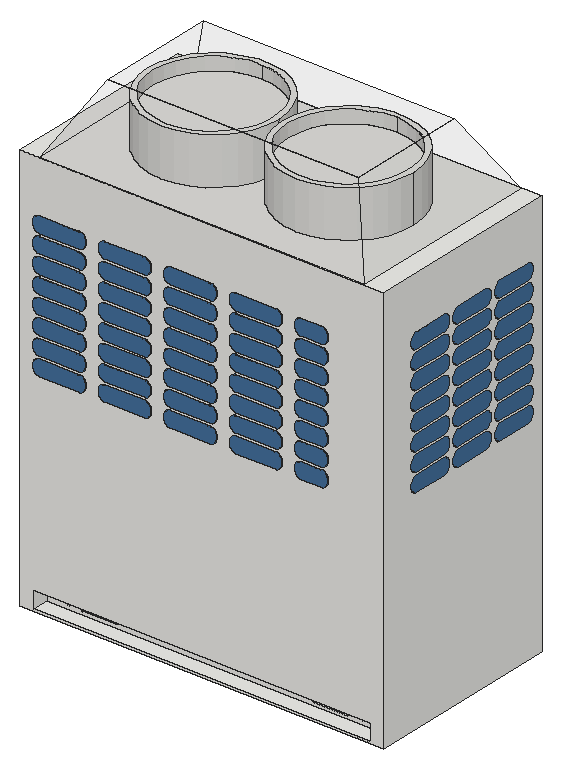
Revit family "bimlib_narujnyeblokisistemakondicionirovaniya_mrv_iii-c_plus_haier", category Оборудование, Revit 2020
Family settings
  Размер круглого соединителя = Использовать диаметр
  Тип детали = Нормальный
  На основе рабочей плоскости = Нет
  Всегда вертикально = Да
  При загрузке вырезать с полостями = Нет
  Общий = Нет
  Точка расчета площади = Нет
Parameters (values of type "AV16IMSEVA_16HP_HAIER")
  Тип компрессора = "DC INV. СПИРАЛ."  # constant formula
  Тип хладагента = "R410A"  # constant formula
  СторонаПодключения [instance] = Подключение : Спереди
  Спереди = Подключение : Спереди
  Снизу = Подключение : Снизу
  Смещение по гор [instance] = if(СторонаПодключения = Спереди, ADSK_Размер_Ширина - 90.00 mm, if(СторонаПодключения = Сбоку, ADSK_Размер_Ширина, if(СторонаПодключения = Снизу, ADSK_Размер_Ширина - 90.00 mm, 0.00 mm)))  # 1300.00 mm
  Смещение по верт_жидкость [instance] = if(СторонаПодключения = Спереди, 750.00 mm, if(СторонаПодключения = Снизу, 650.00 mm, if(СторонаПодключения = Сбоку, 600.00 mm, 0.00 mm)))  # 750.00 mm
  Смещение по верт_газ [instance] = if(СторонаПодключения = Спереди, 750.00 mm, if(or(СторонаПодключения = Снизу, СторонаПодключения = Сбоку), 600.00 mm, 0.00 mm))  # 750.00 mm
  Смещение по h_жидкость [instance] = if(СторонаПодключения = Снизу, 70.00 mm, if(or(СторонаПодключения = Сбоку, СторонаПодключения = Спереди), 140.00 mm, 0.00 mm))  # 140.00 mm
  Смещение по h_газ [instance] = if(СторонаПодключения = Снизу, 70.00 mm, if(or(СторонаПодключения = Сбоку, СторонаПодключения = Спереди), 120.00 mm, 0.00 mm))  # 120.00 mm
  Сбоку = Подключение : Сбоку
  Рабочий диапазон_Охлаждение = "-5 ~ 50"  # constant formula
  Рабочий диапазон_Обогрев = "-23 ~ 21"  # constant formula
  Работа на обогрев = no
  Производитель компрессора = "MITSUBISHI ELECTRIC"  # constant formula
  Охлаждение_Номинальный ток = 20.2 A
  Охлаждение_Номинальная потребляемая мощность = 12.61 kW
  Охлаждение_Максимальный ток = 31.6 A
  Охлаждение_Максимальная потребляемая мощность = 19.99 kW
  Отметка по умолчанию = 0.00 mm
  Обогрев_Номинальный ток = 20.4 A
  Обогрев_Максимальный ток = 27.3 A
  Обогрев_Номинальная потребляемая мощность = 12.74 kW
  Обогрев_Максимальная потребляемая мощность = 17.1 kW
  Частота тока = 50 Hz  # constant formula
  Холодопроизводительность = 45 kW
  Теплопроизводительность = 50 kW
  Изготовитель = [ADSK_Завод-изготовитель]  # "Haier Group"
  Звуковое давление = "60"
  Звуковая мощность = "76"
  Заправка хладагента = 10.00 kg
  Вращение коннектора_2 [instance] = if(СторонаПодключения = Спереди, 90.00°, if(СторонаПодключения = Снизу, 0.00°, if(СторонаПодключения = Сбоку, 90.00°, 0.00°)))  # 90.00°
  Вращение коннектора_1 [instance] = if(СторонаПодключения = Спереди, 90.00°, if(СторонаПодключения = Снизу, 90.00°, if(СторонаПодключения = Сбоку, 180.00°, 0.00°)))  # 90.00°
  Видимость_Зона обслуживания [instance] = no
  Watermark [instance] = "Модели защищены уникальным кодом"
  URL = "www.haier.com"
  Диаметр_Жидкость = 12.70 mm
  Диаметр_Газ = 28.58 mm
  HG_URL поставщика = "www.haierproff.ru"
  BL_Разработано = "support@bimlib.pro"
  BL_BIM library = "https://bimlib.pro/manufacturer/company/23806"
  ADSK_Расход жидкости [instance] = 0.0 L/s
  ADSK_Расход воздуха = 15200.0 m³/h
  ADSK_Размер_Ширина = 1390.00 mm
  ADSK_Размер_Глубина = 750.00 mm
  ADSK_Размер_Высота = 1808.00 mm
  ADSK_Полная мощность = ADSK_Номинальная мощность / ADSK_Коэффициент мощности  # 12610 VA
  ADSK_Обозначение = "MRV III-C plus"  # constant formula
  ADSK_Номинальная мощность = if(Работа на обогрев, Обогрев_Номинальная потребляемая мощность, Охлаждение_Номинальная потребляемая мощность)  # 12610 W
  ADSK_Напряжение = 400 V
  ADSK_Наименование краткое = "VRF-системы MRV III-C plus, 16HP"
  ADSK_Наименование = "Наружный блок VRF-системы кондиционирования MRV III-C plus, 16HP"
  ADSK_Масса = 296
  ADSK_Коэффициент мощности = 1
  ADSK_Количество фаз = 3
  ADSK_Количество = 1  # constant formula
  ADSK_Код изделия = "AV16IMSEVA"
  ADSK_Классификация нагрузок = ОВК
  ADSK_Завод-изготовитель = "Haier Group"  # constant formula
  ADSK_Единица измерения = "шт."  # constant formula
  ADSK_Группирование = "VRF-системы MRV III-C plus"  # constant formula
  ADSK_Версия Revit = "2017"  # constant formula
  ADSK_URL страницы изделия = "https://haierproff.ru/material/cond/tech/products/multizonalnie_sistemy_vrf/245"
  ADSK_URL документации изделия = "https://haierproff.ru/material/cond/tech/products/multizonalnie_sistemy_vrf/245/1240"
  8-10HP = no
  12-16HP = yes
Reference planes
  plane 1 "По центру (Вперед/Назад)": y = 0
  plane 2: z = 0
  plane 3 "По центру (Влево/Вправо)": x = 0
  plane 4: x = -695
  plane 5: x = 695
  plane 6: y = 375
  plane 7: y = -375
  plane 8: z = 1808
  plane 9: z = 70
  plane 10: y = 305
  plane 11: y = -305
  plane 12 "1": y = 375
  plane 13: x = -595
  plane 14: z = 1360
  plane 15 "2": z = 210
  plane 16: y = 275
  plane 17 "3": z = 350
  plane 18 "4": z = 120
  plane 19: y = -275
  plane 20: x = -620
  plane 21: x = 620
  plane 22: y = 310
  plane 23: z = 5
  plane 24: y = -310
  plane 25: y = 376
  plane 26: x = -645
  plane 27: x = -685
  plane 28: x = 685
  plane 29: x = 645
  plane 30 "Верх короба": z = 1560
  plane 31: x = -445
  plane 32: x = -195
  plane 33: x = 55
  plane 34: z = 1290
  plane 35: x = 305
  plane 36: x = 480
  plane 37 "смещение по верт газ": y = -375
  plane 38 "смещение по гор": x = 605
  plane 39 "смещение по h_жидкость": z = 1668
  plane 40 "смещение по h_газ": z = 1688
  plane 41 "смещение по верт жидкость": y = -375
Forms (mm)
  Extrusion 1, solid, material "BIMLIB_Белый_Haier", detail levels medium+fine
    sketch origin (0, 0, 0) x (1, 0, 0) y (0, 1, 0)
      loop
        line (-695, 375) -> (-695, -375) -> (695, -375) -> (695, 375) -> (-695, 375)
    from 0 to 1560
  Extrusion 2, void
    sketch origin (0, 0, 0) x (1, 0, 0) y (0, 1, 0)
      loop
        line (-685, 305) -> (-685, -305) -> (685, -305) -> (685, 305) -> (-685, 305)
    from 0 to 70
  Extrusion 3, void, detail levels medium+fine
    sketch origin (-695, 375, 0) x (-1, 0, 0) y (0, 0, -1)
      loop
        line (-1340, -70) -> (-50, -70) -> (-50, -5) -> (-1340, -5) -> (-1340, -70)
    from 0 to 65
  Extrusion 4, void, detail levels medium+fine
    sketch origin (-695, 375, -45) x (-1, 0, 0) y (0, 0, -1)
      loop
        line (-1340, -115) -> (-50, -115) -> (-50, -50) -> (-1340, -50) -> (-1340, -115)
    from 685 to 750
  Extrusion 5, void
    sketch origin (695, -375, 0) x (1, 0, 0) y (0, 0, -1)
      loop
        arc (-190, -62.392) -> (-182.929, -59.463) -> (-180, -52.392) r 10
        line (-180, -52.392) -> (-180, -27.392)
        arc (-180, -27.392) -> (-182.929, -20.321) -> (-190, -17.392) r 10
        line (-190, -17.392) -> (-315.997, -17.392)
        arc (-315.997, -17.392) -> (-323.068, -20.321) -> (-325.997, -27.392) r 10
        line (-325.997, -27.392) -> (-325.997, -52.392)
        arc (-325.997, -52.392) -> (-323.068, -59.463) -> (-315.997, -62.392) r 10
        line (-315.997, -62.392) -> (-190, -62.392)
      loop
        circle (-133.805, -39.902) r 20
      loop
        line (-1200, -62.392) -> (-1074.003, -62.392)
        arc (-1074.003, -62.392) -> (-1066.932, -59.463) -> (-1064.003, -52.392) r 10
        line (-1064.003, -52.392) -> (-1064.003, -27.392)
        arc (-1064.003, -27.392) -> (-1066.932, -20.321) -> (-1074.003, -17.392) r 10
        line (-1074.003, -17.392) -> (-1200, -17.392)
        arc (-1200, -17.392) -> (-1207.071, -20.321) -> (-1210, -27.392) r 10
        line (-1210, -27.392) -> (-1210, -52.392)
        arc (-1210, -52.392) -> (-1207.071, -59.463) -> (-1200, -62.392) r 10
      loop
        circle (-1256.195, -39.902) r 20
    from 0 to 735.349
  Blend 6, solid, material "BIMLIB_Решётка_верха_Haier", detail levels medium+fine
    base sketch origin (-1293.774, -1524, 1560) x (-1, 0, 0) y (0, -1, 0)
      loop
        line (-673.774, -1899) -> (-673.774, -1149) -> (-1913.774, -1149) -> (-1913.774, -1899) -> (-673.774, -1899)
    top sketch origin (-1293.774, -1524, 1560) x (-1, 0, 0) y (0, -1, 0)
      loop
        line (-809.882, -1761.038) -> (-809.882, -1301.038) -> (-1769.882, -1301.038) -> (-1769.882, -1761.038) -> (-809.882, -1761.038)
    from 0 to 248
  Extrusion 7, solid, material "BIMLIB_Белый_Haier", visible <- "12-16HP", detail levels medium+fine
    sketch origin (-1293.774, -1524, 1560) x (-1, 0, 0) y (0, -1, 0)
      loop
        circle (-1036.134, -1524) r 250
      loop
        circle (-1551.414, -1524) r 250
    from 0 to 180
  Extrusion 8, solid, material "BIMLIB_Белый_Haier", visible <- "8-10HP", detail levels medium+fine
    sketch origin (-1293.774, -1524, 1560) x (-1, 0, 0) y (0, -1, 0)
      loop
        circle (-1293.774, -1524) r 250
    from 0 to 180
  Extrusion 9, void
    sketch origin (-1293.774, -1524, 1740) x (0, -1, 0) y (-1, 0, 0)
      loop
        circle (-1524, -1551.414) r 230
      loop
        circle (-1524, -1036.134) r 230
    from 0 to 50
  Extrusion 10, void, detail levels medium+fine
    sketch origin (-1293.774, -1524, 1740) x (0, -1, 0) y (-1, 0, 0)
      loop
        circle (-1524, -1293.774) r 230
    from 0 to 50
Cuts and joins
  Extrusion 2, Extrusion 3, Extrusion 4, Extrusion 5 cuts Extrusion 1
  Extrusion 9 cuts Extrusion 7
  Extrusion 10 cuts Extrusion 8
Lines and regions (mm)
  Masking region 1, detail levels coarse
    outline origin (0, 0, 0) x (1, 0, 0) y (0, 1, 0)
      loop
        line (-695, 375) -> (-695, -375) -> (695, -375) -> (695, 375) -> (-695, 375)
  model lines, detail levels medium+fine
    curve 1: line (-645, 375, 70) -> (695, 375, 70)
    curve 14: line (-464.652, 249.353, 1511) -> (-463.263, 250.792, 1511)
    curve 15: line (-645, -375, 70) -> (645, -375, 70)
  model lines, style "УГО", detail levels coarse
    curve 2: line (-695, 375, 1560) -> (-695, 375, 0)
    curve 3: line (-695, 375, 0) -> (695, 375, 0)
    curve 4: line (695, 375, 0) -> (695, 375, 1560)
    curve 5: line (695, 375, 1560) -> (-695, 375, 1560)
    curve 6: line (695, -375, 1560) -> (695, 375, 1560)
    curve 7: line (695, -375, 0) -> (695, 375, 0)
    curve 8: line (695, -375, 0) -> (695, -375, 1560)
    curve 9: line (-695, -375, 1560) -> (-695, -375, 0)
    curve 10: line (-695, -375, 0) -> (695, -375, 0)
    curve 11: line (-695, -375, 1560) -> (695, -375, 1560)
    curve 12: line (-695, 375, 1560) -> (-695, -375, 1560)
    curve 13: line (-695, 375, 0) -> (-695, -375, 0)
  symbolic lines, style "УГО", detail levels coarse
    curve 16: line (-695, 375, 0) -> (695, 375, 0)
    curve 17: line (695, 375, 0) -> (695, -375, 0)
    curve 18: line (695, -375, 0) -> (-695, -375, 0)
    curve 19: line (-695, -375, 0) -> (-695, 375, 0)
  model lines, style "MechanicalEquipment", visible <- "12-16HP", detail levels fine
    curve 20: circle (-257.64, 0, 1690) r 50 normal (0, 0, 1)
    curve 21: circle (257.64, 0, 1690) r 50 normal (0, 0, 1)
    curve 22: arc (-373.774, 198.527, 1690) -> (-293.602, 142.881, 1690) -> (-273.774, 47.326, 1690) r 131.644
    curve 23: arc (-226.631, 39.223, 1690) -> (-166.156, 136.404, 1690) -> (-233.774, 228.758, 1690) r 102.209
    curve 24: arc (-373.774, 198.527, 1690) -> (-305.264, 220.543, 1690) -> (-233.774, 228.758, 1690) r 366.767
    curve 25: arc (-141.507, -198.527, 1690) -> (-221.678, -142.881, 1690) -> (-241.507, -47.326, 1690) r 131.644
    curve 26: arc (-288.649, -39.223, 1690) -> (-349.124, -136.404, 1690) -> (-281.507, -228.758, 1690) r 102.209
    curve 27: arc (-141.507, -198.527, 1690) -> (-210.016, -220.543, 1690) -> (-281.507, -228.758, 1690) r 366.767
    curve 28: arc (-456.167, -116.134, 1690) -> (-400.521, -35.962, 1690) -> (-304.966, -16.134, 1690) r 131.644
    curve 29: arc (-296.863, 31.009, 1690) -> (-394.044, 91.484, 1690) -> (-486.399, 23.866, 1690) r 102.209
    curve 30: arc (-456.167, -116.134, 1690) -> (-478.183, -47.624, 1690) -> (-486.399, 23.866, 1690) r 366.767
    curve 31: arc (-59.113, 116.134, 1690) -> (-114.759, 35.962, 1690) -> (-210.315, 16.134, 1690) r 131.644
    curve 32: arc (-218.417, -31.009, 1690) -> (-121.236, -91.484, 1690) -> (-28.882, -23.866, 1690) r 102.209
    curve 33: arc (-59.113, 116.134, 1690) -> (-37.097, 47.624, 1690) -> (-28.882, -23.866, 1690) r 366.767
    curve 34: arc (141.507, 198.527, 1690) -> (221.678, 142.881, 1690) -> (241.507, 47.326, 1690) r 131.644
    curve 35: arc (288.649, 39.223, 1690) -> (349.124, 136.404, 1690) -> (281.507, 228.758, 1690) r 102.209
    curve 36: arc (141.507, 198.527, 1690) -> (210.016, 220.543, 1690) -> (281.507, 228.758, 1690) r 366.767
    curve 37: arc (373.774, -198.527, 1690) -> (293.602, -142.881, 1690) -> (273.774, -47.326, 1690) r 131.644
    curve 38: arc (226.631, -39.223, 1690) -> (166.156, -136.404, 1690) -> (233.774, -228.758, 1690) r 102.209
    curve 39: arc (373.774, -198.527, 1690) -> (305.264, -220.543, 1690) -> (233.774, -228.758, 1690) r 366.767
    curve 40: arc (59.113, -116.134, 1690) -> (114.759, -35.962, 1690) -> (210.315, -16.134, 1690) r 131.644
    curve 41: arc (218.417, 31.009, 1690) -> (121.236, 91.484, 1690) -> (28.882, 23.866, 1690) r 102.209
    curve 42: arc (59.113, -116.134, 1690) -> (37.097, -47.624, 1690) -> (28.882, 23.866, 1690) r 366.767
    curve 43: arc (456.167, 116.134, 1690) -> (400.521, 35.962, 1690) -> (304.966, 16.134, 1690) r 131.644
    curve 44: arc (296.863, -31.009, 1690) -> (394.044, -91.484, 1690) -> (486.399, -23.866, 1690) r 102.209
    curve 45: arc (456.167, 116.134, 1690) -> (478.183, 47.624, 1690) -> (486.399, -23.866, 1690) r 366.767
    curve 46: circle (-257.64, 0, 1690) r 50 normal (0, 0, 1)
    curve 47: circle (257.64, 0, 1690) r 50 normal (0, 0, 1)
    curve 48: arc (-373.774, 198.527, 1690) -> (-293.602, 142.881, 1690) -> (-273.774, 47.326, 1690) r 131.644
    curve 49: arc (-226.631, 39.223, 1690) -> (-166.156, 136.404, 1690) -> (-233.774, 228.758, 1690) r 102.209
    curve 50: arc (-373.774, 198.527, 1690) -> (-305.264, 220.543, 1690) -> (-233.774, 228.758, 1690) r 366.767
    curve 51: arc (-141.507, -198.527, 1690) -> (-221.678, -142.881, 1690) -> (-241.507, -47.326, 1690) r 131.644
    curve 52: arc (-288.649, -39.223, 1690) -> (-349.124, -136.404, 1690) -> (-281.507, -228.758, 1690) r 102.209
    curve 53: arc (-141.507, -198.527, 1690) -> (-210.016, -220.543, 1690) -> (-281.507, -228.758, 1690) r 366.767
    curve 54: arc (-456.167, -116.134, 1690) -> (-400.521, -35.962, 1690) -> (-304.966, -16.134, 1690) r 131.644
    curve 55: arc (-296.863, 31.009, 1690) -> (-394.044, 91.484, 1690) -> (-486.399, 23.866, 1690) r 102.209
    curve 56: arc (-456.167, -116.134, 1690) -> (-478.183, -47.624, 1690) -> (-486.399, 23.866, 1690) r 366.767
    curve 57: arc (-59.113, 116.134, 1690) -> (-114.759, 35.962, 1690) -> (-210.315, 16.134, 1690) r 131.644
    curve 58: arc (-218.417, -31.009, 1690) -> (-121.236, -91.484, 1690) -> (-28.882, -23.866, 1690) r 102.209
    curve 59: arc (-59.113, 116.134, 1690) -> (-37.097, 47.624, 1690) -> (-28.882, -23.866, 1690) r 366.767
    curve 60: arc (141.507, 198.527, 1690) -> (221.678, 142.881, 1690) -> (241.507, 47.326, 1690) r 131.644
    curve 61: arc (288.649, 39.223, 1690) -> (349.124, 136.404, 1690) -> (281.507, 228.758, 1690) r 102.209
    curve 62: arc (141.507, 198.527, 1690) -> (210.016, 220.543, 1690) -> (281.507, 228.758, 1690) r 366.767
    curve 63: arc (373.774, -198.527, 1690) -> (293.602, -142.881, 1690) -> (273.774, -47.326, 1690) r 131.644
    curve 64: arc (226.631, -39.223, 1690) -> (166.156, -136.404, 1690) -> (233.774, -228.758, 1690) r 102.209
    curve 65: arc (373.774, -198.527, 1690) -> (305.264, -220.543, 1690) -> (233.774, -228.758, 1690) r 366.767
    curve 66: arc (59.113, -116.134, 1690) -> (114.759, -35.962, 1690) -> (210.315, -16.134, 1690) r 131.644
    curve 67: arc (218.417, 31.009, 1690) -> (121.236, 91.484, 1690) -> (28.882, 23.866, 1690) r 102.209
    curve 68: arc (59.113, -116.134, 1690) -> (37.097, -47.624, 1690) -> (28.882, 23.866, 1690) r 366.767
    curve 69: arc (456.167, 116.134, 1690) -> (400.521, 35.962, 1690) -> (304.966, 16.134, 1690) r 131.644
    curve 70: arc (296.863, -31.009, 1690) -> (394.044, -91.484, 1690) -> (486.399, -23.866, 1690) r 102.209
    curve 71: arc (456.167, 116.134, 1690) -> (478.183, 47.624, 1690) -> (486.399, -23.866, 1690) r 366.767
  model lines, style "MechanicalEquipment", visible <- "8-10HP", detail levels fine
    curve 72: arc (31.009, 39.223, 1690) -> (91.484, 136.404, 1690) -> (23.866, 228.758, 1690) r 102.209
    curve 73: arc (23.866, 228.758, 1690) -> (-47.624, 220.543, 1690) -> (-116.134, 198.527, 1690) r 366.767
    curve 74: arc (-116.134, 198.527, 1690) -> (-35.962, 142.881, 1690) -> (-16.134, 47.326, 1690) r 131.644
    curve 75: arc (39.223, -31.009, 1690) -> (136.404, -91.484, 1690) -> (228.758, -23.866, 1690) r 102.209
    curve 76: arc (228.758, -23.866, 1690) -> (220.543, 47.624, 1690) -> (198.527, 116.134, 1690) r 366.767
    curve 77: arc (198.527, 116.134, 1690) -> (142.881, 35.962, 1690) -> (47.326, 16.134, 1690) r 131.644
    curve 78: arc (-31.009, -39.223, 1690) -> (-91.484, -136.404, 1690) -> (-23.866, -228.758, 1690) r 102.209
    curve 79: arc (-23.866, -228.758, 1690) -> (47.624, -220.543, 1690) -> (116.134, -198.527, 1690) r 366.767
    curve 80: arc (116.134, -198.527, 1690) -> (35.962, -142.881, 1690) -> (16.134, -47.326, 1690) r 131.644
    curve 81: arc (-39.223, 31.009, 1690) -> (-136.404, 91.484, 1690) -> (-228.758, 23.866, 1690) r 102.209
    curve 82: arc (-228.758, 23.866, 1690) -> (-220.543, -47.624, 1690) -> (-198.527, -116.134, 1690) r 366.767
    curve 83: arc (-198.527, -116.134, 1690) -> (-142.881, -35.962, 1690) -> (-47.326, -16.134, 1690) r 131.644
    curve 84: circle (0, 0, 1690) r 50 normal (0, 0, 1)
    curve 85: arc (31.009, 39.223, 1690) -> (91.484, 136.404, 1690) -> (23.866, 228.758, 1690) r 102.209
    curve 86: arc (23.866, 228.758, 1690) -> (-47.624, 220.543, 1690) -> (-116.134, 198.527, 1690) r 366.767
    curve 87: arc (-116.134, 198.527, 1690) -> (-35.962, 142.881, 1690) -> (-16.134, 47.326, 1690) r 131.644
    curve 88: arc (39.223, -31.009, 1690) -> (136.404, -91.484, 1690) -> (228.758, -23.866, 1690) r 102.209
    curve 89: arc (228.758, -23.866, 1690) -> (220.543, 47.624, 1690) -> (198.527, 116.134, 1690) r 366.767
    curve 90: arc (198.527, 116.134, 1690) -> (142.881, 35.962, 1690) -> (47.326, 16.134, 1690) r 131.644
    curve 91: arc (-31.009, -39.223, 1690) -> (-91.484, -136.404, 1690) -> (-23.866, -228.758, 1690) r 102.209
    curve 92: arc (-23.866, -228.758, 1690) -> (47.624, -220.543, 1690) -> (116.134, -198.527, 1690) r 366.767
    curve 93: arc (116.134, -198.527, 1690) -> (35.962, -142.881, 1690) -> (16.134, -47.326, 1690) r 131.644
    curve 94: arc (-39.223, 31.009, 1690) -> (-136.404, 91.484, 1690) -> (-228.758, 23.866, 1690) r 102.209
    curve 95: arc (-228.758, 23.866, 1690) -> (-220.543, -47.624, 1690) -> (-198.527, -116.134, 1690) r 366.767
    curve 96: arc (-198.527, -116.134, 1690) -> (-142.881, -35.962, 1690) -> (-47.326, -16.134, 1690) r 131.644
    curve 97: circle (0, 0, 1690) r 50 normal (0, 0, 1)
  model lines, style "MechanicalEquipment", detail levels medium+fine
    curve 98: line (-483.892, 237.038, 1808) -> (476.108, 237.038, 1808)
    curve 99: line (-483.892, -222.962, 1808) -> (476.108, -222.962, 1808)
    curve 100: line (-483.892, -222.962, 1808) -> (-483.892, 237.038, 1808)
    curve 101: line (476.108, -222.962, 1808) -> (476.108, 237.038, 1808)
    curve 102: line (-483.892, -222.962, 1808) -> (-620, -375, 1560)
    curve 103: line (476.108, -222.962, 1808) -> (620, -375, 1560)
    curve 104: line (476.108, 237.038, 1808) -> (620, 375, 1560)
    curve 105: line (-483.892, 237.038, 1808) -> (-620, 375, 1560)
    curve 106: line (620, 375, 1560) -> (620, -375, 1560)
    curve 107: line (-620, 375, 1560) -> (-620, -375, 1560)
    curve 108: line (-695, -375, 780) -> (695, -375, 780)
Dimensions and locks
  "ADSK_Размер_Ширина": plane 4 to plane 5
  "ADSK_Размер_Глубина": plane 6 to plane 7
  "ADSK_Размер_Высота": level to plane 8
  equal spacing: plane 6, plane 1 "По центру (Вперед/Назад)", plane 7
  equal spacing: plane 4, plane 3 "По центру (Влево/Вправо)", plane 5
  plane 9 to plane 8 = 1738.00 mm
  locked: level to plane 9 at 70
  locked: plane 13 to plane 4 at 100
  level to plane 15 "2" = 210.00 mm
  locked: plane 6 to plane 16 at 100
  plane 15 "2" to plane 17 "3" = 140.00 mm
  plane 18 "4" to plane 9 = 50.00 mm
  plane 16 to plane 6 = 100.00 mm
  plane 7 to plane 19 = 100.00 mm
  locked: plane 22 to plane 10 at 5
  plane 23 to level = 5.00 mm
  locked: plane 11 to plane 24 at 5
  locked: plane 25 to plane 12 "1" at 1
  locked: plane 4 to plane 20 at 75
  locked: plane 21 to plane 5 at 75
  locked: plane 4 to plane 26 at 50
  locked: plane 4 to plane 27 at 10
  plane 28 to plane 5 = 10.00 mm
  locked: plane 5 to plane 29 at 50
  locked: plane 8 to plane 30 "Верх короба" at 248
  curve 108 to level = 780.00 mm
  plane 31 to plane 4 = 250.00 mm
  locked: plane 32 to plane 4 at 500
  plane 33 to plane 4 = 750.00 mm
  locked: plane 30 "Верх короба" to plane 14 at 200
  plane 30 "Верх короба" to plane 34 = 270.00 mm
  locked: plane 35 to plane 4 at 1000
  locked: plane 36 to plane 4 at 1175
  "Смещение по гор": plane 4 to plane 38 "смещение по гор"
  "Смещение по верт_газ": plane 6 to plane 37 "смещение по верт газ"
  "Смещение по верт_жидкость": plane 6 to plane 41 "смещение по верт жидкость"
  "Смещение по h_газ": plane 8 to plane 40 "смещение по h_газ"
  "Смещение по h_жидкость": plane 8 to plane 39 "смещение по h_жидкость"
  aligned and locked: level to plane 2
  aligned and locked: Extrusion 1 sketch curve to plane 6
  aligned and locked: Extrusion 1 sketch curve to plane 5
  aligned and locked: plane 7 to Extrusion 1 sketch curve
  aligned and locked: plane 4 to Extrusion 1 sketch curve
  aligned and locked: Extrusion 1 to level
  aligned and locked: level to cut or joined group of Extrusion 1, Extrusion 2, Extrusion 3, Extrusion 4, Extrusion 5
  aligned and locked: plane 4 to cut or joined group of Extrusion 1, Extrusion 2, Extrusion 3, Extrusion 4, Extrusion 5
  aligned and locked: plane 12 "1" to plane 6
  aligned and locked: plane 9 to Extrusion 2
  aligned and locked: plane 22 to cut or joined group of Extrusion 1, Extrusion 2, Extrusion 3, Extrusion 4, Extrusion 5
  aligned and locked: cut or joined group of Extrusion 1, Extrusion 2, Extrusion 3, Extrusion 4, Extrusion 5 to plane 23
  aligned and locked: plane 9 to cut or joined group of Extrusion 1, Extrusion 2, Extrusion 3, Extrusion 4, Extrusion 5
  aligned and locked: Extrusion 3 to curve 1
  aligned and locked: plane 9 to Extrusion 4
  aligned and locked: Extrusion 4 to Extrusion 3
  aligned and locked: Extrusion 4 to plane 24
  aligned and locked: curve 19 to Masking region 1 sketch curve
  aligned and locked: Masking region 1 sketch curve to curve 16
  aligned and locked: Masking region 1 sketch curve to curve 17
  aligned and locked: Masking region 1 sketch curve to curve 18
  aligned and locked: plane 4 to curve 19
  aligned and locked: plane 7 to curve 18
  aligned and locked: curve 16 to plane 6
  aligned and locked: curve 17 to plane 5
  aligned and locked: plane 3 "По центру (Влево/Вправо)" to nested 2
  aligned and locked: plane 1 "По центру (Вперед/Назад)" to nested 2
  aligned and locked: plane 26 to Extrusion 3
  aligned and locked: Extrusion 2 sketch curve to plane 27
  aligned and locked: Extrusion 2 sketch curve to plane 28
  aligned and locked: plane 26 to Extrusion 3 sketch curve
  aligned and locked: plane 26 to Extrusion 4 sketch curve
  aligned and locked: plane 29 to Extrusion 4 sketch curve
  aligned and locked: plane 30 "Верх короба" to Extrusion 1
  aligned and locked: Blend 6 sketch curve to plane 21
  aligned and locked: plane 20 to Blend 6 sketch curve
  aligned and locked: Blend 6 sketch curve to plane 6
  aligned and locked: plane 7 to Blend 6 sketch curve
  aligned and locked: plane 8 to Blend 6
  aligned and locked: Blend 6 to plane 30 "Верх короба"
  aligned and locked: plane 31 to nested 3  (x2)
  aligned and locked: plane 14 to nested 3
  aligned and locked: plane 34 to nested 4
  aligned and locked: plane 26 to nested 4
  aligned and locked: nested 11 to plane 14
  aligned and locked: plane 33 to nested 11  (x2)
  aligned and locked: plane 32 to nested 12
  aligned and locked: plane 32 to nested 14
  aligned and locked: plane 32 to nested 16
  aligned and locked: plane 32 to nested 18
  aligned and locked: nested 20 to plane 32
  aligned and locked: nested 22 to plane 32
  aligned and locked: nested 24 to plane 32
  aligned and locked: plane 33 to nested 13
  aligned and locked: plane 33 to nested 15
  aligned and locked: plane 33 to nested 17
  aligned and locked: plane 33 to nested 19
  aligned and locked: nested 21 to plane 33
  aligned and locked: nested 23 to plane 33
  aligned and locked: nested 10 to plane 31
  aligned and locked: nested 9 to plane 31
  aligned and locked: plane 31 to nested 8
  aligned and locked: plane 31 to nested 7
  aligned and locked: plane 31 to nested 6
  aligned and locked: plane 31 to nested 5
  aligned and locked: plane 31 to nested 4
  aligned and locked: plane 32 to nested 25
  aligned and locked: nested 26 to plane 33
  aligned and locked: plane 35 to nested 27
  aligned and locked: plane 35 to nested 28
  aligned and locked: plane 35 to nested 29
  aligned and locked: plane 35 to nested 30
  aligned and locked: plane 35 to nested 31
  aligned and locked: nested 32 to plane 35
  aligned and locked: nested 33 to plane 35
  aligned and locked: nested 34 to plane 35
  aligned and locked: plane 36 to nested 35
  aligned and locked: plane 36 to nested 36
  aligned and locked: plane 36 to nested 37
  aligned and locked: plane 36 to nested 38
  aligned and locked: plane 36 to nested 39
  aligned and locked: nested 40 to plane 36
  aligned and locked: nested 41 to plane 36
  aligned and locked: nested 42 to plane 36
  aligned and locked: plane 38 "смещение по гор" to nested 99
  aligned and locked: nested 99 to plane 41 "смещение по верт жидкость"
  aligned and locked: nested 100 to plane 37 "смещение по верт газ"
  aligned and locked: plane 38 "смещение по гор" to nested 100
  aligned and locked: plane 3 "По центру (Влево/Вправо)" to nested 1
  aligned and locked: plane 1 "По центру (Вперед/Назад)" to nested 1
Automatic sketch dimensions
  plane 16 to curve 14 = 25.647 mm
  plane 16 to curve 14 = 24.208 mm
  curve 14 to plane 13 = 131.737 mm
  curve 14 to curve 14 = 1.389 mm
  plane 11 to Extrusion 2 sketch curve = 0.00 mm
  plane 10 to Extrusion 2 sketch curve = 0.00 mm
  plane 16 to Blend 6 sketch curve = 37.962 mm
  Blend 6 sketch curve to plane 21 = 143.892 mm
  Blend 6 sketch curve to plane 19 = 52.038 mm
  Blend 6 sketch curve to plane 13 = 111.108 mm
  plane 1 "По центру (Вперед/Назад)" to Extrusion 7 sketch curve = 0.00 mm  (x2)
  plane 3 "По центру (Влево/Вправо)" to Extrusion 7 sketch curve = 257.64 mm
  Extrusion 7 sketch curve to plane 3 "По центру (Влево/Вправо)" = 257.64 mm
  Extrusion 8 sketch curve to plane 1 "По центру (Вперед/Назад)" = 0.00 mm
  Extrusion 8 sketch curve to plane 3 "По центру (Влево/Вправо)" = 0.00 mm
  curve 31 to curve 43 = 0.00 mm
  curve 31 to curve 27 = 7.803 mm
  curve 43 to curve 39 = 7.803 mm
  curve 39 to curve 35 = 5.406 mm
  curve 27 to curve 23 = 5.406 mm
  curve 39 to curve 34 = 67.70 mm
  curve 27 to curve 22 = 67.70 mm
  curve 43 to curve 42 = 115.973 mm
  curve 31 to curve 30 = 115.973 mm
  curve 30 to curve 32 = 19.139 mm
  curve 42 to curve 44 = 19.139 mm
  curve 23 to curve 20 = 132.555 mm
  curve 35 to curve 21 = 132.555 mm
  curve 22 to curve 29 = 80.913 mm
  curve 34 to curve 41 = 80.913 mm
  curve 29 to curve 33 = 19.139 mm
  curve 41 to curve 45 = 19.139 mm
  curve 32 to curve 25 = 80.913 mm
  curve 44 to curve 37 = 80.913 mm
  curve 21 to curve 38 = 132.555 mm
  curve 20 to curve 26 = 132.555 mm
  curve 38 to curve 36 = 5.406 mm
  curve 26 to curve 24 = 5.406 mm
  curve 26 to curve 28 = 13.209 mm
  curve 38 to curve 40 = 13.209 mm
  curve 22 to curve 33 = 7.803 mm
  curve 33 to curve 29 = 5.406 mm
  curve 33 to curve 28 = 67.70 mm
  curve 22 to curve 27 = 115.973 mm
  curve 27 to curve 23 = 19.139 mm
  curve 29 to curve 20 = 132.555 mm
  curve 28 to curve 26 = 80.913 mm
  curve 26 to curve 24 = 19.139 mm
  curve 23 to curve 31 = 80.913 mm
  curve 20 to curve 32 = 132.555 mm
  curve 32 to curve 30 = 5.406 mm
  curve 32 to curve 25 = 13.209 mm
  curve 30 to curve 34 = 231.555 mm
  curve 34 to curve 45 = 7.803 mm
  curve 45 to curve 41 = 5.406 mm
  curve 45 to curve 40 = 67.70 mm
  curve 34 to curve 39 = 115.973 mm
  curve 39 to curve 35 = 19.139 mm
  curve 41 to curve 21 = 132.555 mm
  curve 40 to curve 38 = 80.913 mm
  curve 38 to curve 36 = 19.139 mm
  curve 35 to curve 43 = 80.913 mm
  curve 21 to curve 44 = 132.555 mm
  curve 44 to curve 42 = 5.406 mm
  curve 44 to curve 37 = 13.209 mm
  curve 36 to curve 43 = 82.994 mm
  curve 23 to curve 31 = 82.994 mm
  curve 34 to curve 39 = 60.566 mm
  curve 22 to curve 27 = 60.566 mm
  curve 43 to curve 42 = 86.343 mm
  curve 33 to curve 30 = 86.343 mm
  curve 34 to curve 21 = 47.326 mm
  curve 22 to curve 20 = 47.326 mm
  curve 22 to curve 23 = 8.103 mm
  curve 34 to curve 35 = 8.103 mm
  curve 22 to curve 29 = 16.316 mm
  curve 34 to curve 41 = 16.316 mm
  curve 34 to curve 41 = 46.394 mm
  curve 22 to curve 30 = 46.394 mm
  curve 35 to curve 43 = 23.089 mm
  curve 23 to curve 31 = 23.089 mm
  curve 29 to curve 28 = 47.143 mm
  curve 41 to curve 40 = 47.143 mm
  curve 45 to curve 37 = 46.394 mm
  curve 41 to curve 32 = 47.733 mm
  curve 40 to curve 38 = 23.089 mm
  curve 28 to curve 26 = 23.089 mm
  curve 32 to curve 25 = 16.316 mm
  curve 44 to curve 37 = 16.316 mm
  curve 24 to curve 25 = 60.566 mm
  curve 36 to curve 39 = 60.566 mm
  curve 57 to curve 69 = 0.00 mm
  curve 57 to curve 53 = 7.803 mm
  curve 69 to curve 65 = 7.803 mm
  curve 65 to curve 61 = 5.406 mm
  curve 53 to curve 49 = 5.406 mm
  curve 65 to curve 60 = 67.70 mm
  curve 53 to curve 48 = 67.70 mm
  curve 69 to curve 68 = 115.973 mm
  curve 57 to curve 56 = 115.973 mm
  curve 56 to curve 58 = 19.139 mm
  curve 68 to curve 70 = 19.139 mm
  curve 49 to curve 46 = 132.555 mm
  curve 61 to curve 47 = 132.555 mm
  curve 48 to curve 55 = 80.913 mm
  curve 60 to curve 67 = 80.913 mm
  curve 55 to curve 59 = 19.139 mm
  curve 67 to curve 71 = 19.139 mm
  curve 58 to curve 51 = 80.913 mm
  curve 70 to curve 63 = 80.913 mm
  curve 47 to curve 64 = 132.555 mm
  curve 46 to curve 52 = 132.555 mm
  curve 64 to curve 62 = 5.406 mm
  curve 52 to curve 50 = 5.406 mm
  curve 52 to curve 54 = 13.209 mm
  curve 64 to curve 66 = 13.209 mm
  curve 48 to curve 59 = 7.803 mm
  curve 59 to curve 55 = 5.406 mm
  curve 59 to curve 54 = 67.70 mm
  curve 48 to curve 53 = 115.973 mm
  curve 53 to curve 49 = 19.139 mm
  curve 55 to curve 46 = 132.555 mm
  curve 54 to curve 52 = 80.913 mm
  curve 52 to curve 50 = 19.139 mm
  curve 49 to curve 57 = 80.913 mm
  curve 46 to curve 58 = 132.555 mm
  curve 58 to curve 56 = 5.406 mm
  curve 58 to curve 51 = 13.209 mm
  curve 56 to curve 60 = 231.555 mm
  curve 60 to curve 71 = 7.803 mm
  curve 71 to curve 67 = 5.406 mm
  curve 71 to curve 66 = 67.70 mm
  curve 60 to curve 65 = 115.973 mm
  curve 65 to curve 61 = 19.139 mm
  curve 67 to curve 47 = 132.555 mm
  curve 66 to curve 64 = 80.913 mm
  curve 64 to curve 62 = 19.139 mm
  curve 61 to curve 69 = 80.913 mm
  curve 47 to curve 70 = 132.555 mm
  curve 70 to curve 68 = 5.406 mm
  curve 70 to curve 63 = 13.209 mm
  curve 62 to curve 69 = 82.994 mm
  curve 49 to curve 57 = 82.994 mm
  curve 60 to curve 65 = 60.566 mm
  curve 48 to curve 53 = 60.566 mm
  curve 69 to curve 68 = 86.343 mm
  curve 59 to curve 56 = 86.343 mm
  curve 60 to curve 47 = 47.326 mm
  curve 48 to curve 46 = 47.326 mm
  curve 48 to curve 49 = 8.103 mm
  curve 60 to curve 61 = 8.103 mm
  curve 48 to curve 55 = 16.316 mm
  curve 60 to curve 67 = 16.316 mm
  curve 60 to curve 67 = 46.394 mm
  curve 48 to curve 56 = 46.394 mm
  curve 61 to curve 69 = 23.089 mm
  curve 49 to curve 57 = 23.089 mm
  curve 55 to curve 54 = 47.143 mm
  curve 67 to curve 66 = 47.143 mm
  curve 71 to curve 63 = 46.394 mm
  curve 67 to curve 58 = 47.733 mm
  curve 66 to curve 64 = 23.089 mm
  curve 54 to curve 52 = 23.089 mm
  curve 58 to curve 51 = 16.316 mm
  curve 70 to curve 63 = 16.316 mm
  curve 50 to curve 51 = 60.566 mm
  curve 62 to curve 65 = 60.566 mm
  curve 77 to curve 79 = 7.803 mm
  curve 79 to curve 72 = 5.406 mm
  curve 79 to curve 74 = 67.70 mm
  curve 77 to curve 82 = 115.973 mm
  curve 82 to curve 75 = 19.139 mm
  curve 75 to curve 84 = 10.652 mm
  curve 74 to curve 81 = 80.913 mm
  curve 81 to curve 76 = 19.139 mm
  curve 75 to curve 80 = 80.913 mm
  curve 84 to curve 78 = 132.555 mm
  curve 78 to curve 73 = 5.406 mm
  curve 78 to curve 83 = 13.209 mm
  curve 74 to curve 76 = 7.803 mm
  curve 76 to curve 81 = 5.406 mm
  curve 76 to curve 83 = 67.70 mm
  curve 74 to curve 79 = 115.973 mm
  curve 79 to curve 72 = 19.139 mm
  curve 81 to curve 84 = 132.555 mm
  curve 83 to curve 78 = 80.913 mm
  curve 78 to curve 73 = 19.139 mm
  curve 72 to curve 77 = 80.913 mm
  curve 84 to curve 75 = 132.555 mm
  curve 75 to curve 82 = 5.406 mm
  curve 75 to curve 80 = 13.209 mm
  curve 73 to curve 79 = 60.566 mm
  curve 72 to curve 77 = 82.994 mm
  curve 76 to curve 82 = 86.343 mm
  curve 74 to curve 84 = 47.326 mm
  curve 74 to curve 72 = 8.103 mm
  curve 74 to curve 81 = 16.316 mm
  curve 74 to curve 82 = 46.394 mm
  curve 72 to curve 77 = 23.089 mm
  curve 81 to curve 83 = 47.143 mm
  curve 76 to curve 80 = 46.394 mm
  curve 83 to curve 78 = 23.089 mm
  curve 75 to curve 80 = 16.316 mm
  curve 73 to curve 80 = 60.566 mm
  curve 90 to curve 92 = 7.803 mm
  curve 92 to curve 85 = 5.406 mm
  curve 92 to curve 87 = 67.70 mm
  curve 90 to curve 95 = 115.973 mm
  curve 95 to curve 88 = 19.139 mm
  curve 88 to curve 97 = 10.652 mm
  curve 87 to curve 94 = 80.913 mm
  curve 94 to curve 89 = 19.139 mm
  curve 88 to curve 93 = 80.913 mm
  curve 97 to curve 91 = 132.555 mm
  curve 91 to curve 86 = 5.406 mm
  curve 91 to curve 96 = 13.209 mm
  curve 87 to curve 89 = 7.803 mm
  curve 89 to curve 94 = 5.406 mm
  curve 89 to curve 96 = 67.70 mm
  curve 87 to curve 92 = 115.973 mm
  curve 92 to curve 85 = 19.139 mm
  curve 94 to curve 97 = 132.555 mm
  curve 96 to curve 91 = 80.913 mm
  curve 91 to curve 86 = 19.139 mm
  curve 85 to curve 90 = 80.913 mm
  curve 97 to curve 88 = 132.555 mm
  curve 88 to curve 95 = 5.406 mm
  curve 88 to curve 93 = 13.209 mm
  curve 86 to curve 92 = 60.566 mm
  curve 85 to curve 90 = 82.994 mm
  curve 89 to curve 95 = 86.343 mm
  curve 87 to curve 97 = 47.326 mm
  curve 87 to curve 85 = 8.103 mm
  curve 87 to curve 94 = 16.316 mm
  curve 87 to curve 95 = 46.394 mm
  curve 85 to curve 90 = 23.089 mm
  curve 94 to curve 96 = 47.143 mm
  curve 89 to curve 93 = 46.394 mm
  curve 96 to curve 91 = 23.089 mm
  curve 88 to curve 93 = 16.316 mm
  curve 86 to curve 93 = 60.566 mm
  Extrusion 1 sketch curve to plane 5 = 0.00 mm
  curve 3 to Extrusion 1 = 0.00 mm  (x2)
  curve 4 to Extrusion 1 = 0.00 mm  (x2)
  Extrusion 1 to curve 1 = 70.00 mm
  Extrusion 1 to curve 12 = 0.00 mm
  curve 12 to Extrusion 1 = 0.00 mm  (x2)
  curve 13 to Extrusion 1 = 0.00 mm  (x3)
  Extrusion 1 to curve 6 = 0.00 mm
  curve 6 to Extrusion 1 = 0.00 mm
  curve 7 to Extrusion 1 = 0.00 mm  (x3)
  Extrusion 1 to Extrusion 3 sketch curve = 50.00 mm
  Extrusion 3 sketch curve to Extrusion 1 = 70.00 mm
  Extrusion 3 sketch curve to Extrusion 1 = 5.00 mm
  Extrusion 4 sketch curve to Extrusion 1 = 70.00 mm
  Extrusion 4 sketch curve to Extrusion 1 = 5.00 mm
  Extrusion 5 sketch curve to Extrusion 1 = 39.902 mm  (x2)
  Extrusion 5 sketch curve to Extrusion 1 = 133.805 mm
  Extrusion 5 sketch curve to Extrusion 5 sketch curve = 46.195 mm  (x2)
  Extrusion 5 sketch curve to Extrusion 5 sketch curve = 10.00 mm  (x6)
  Extrusion 5 sketch curve to Extrusion 5 sketch curve = 125.997 mm  (x2)
  Extrusion 5 sketch curve to Extrusion 1 = 17.392 mm
  Extrusion 5 sketch curve to Extrusion 5 sketch curve = 0.00 mm
  Extrusion 5 sketch curve to Extrusion 1 = 27.392 mm  (x2)
  Extrusion 1 to Extrusion 5 sketch curve = 325.997 mm
  Extrusion 5 sketch curve to Extrusion 5 sketch curve = 25.00 mm  (x2)
  curve 98 to Blend 6 = 0.00 mm  (x2)
  curve 100 to Blend 6 = 0.00 mm  (x2)
  curve 102 to Blend 6 = 0.00 mm  (x3)
  Blend 6 to curve 102 = 0.00 mm
  curve 103 to Blend 6 = 0.00 mm  (x3)
  Blend 6 to curve 103 = 0.00 mm
  Blend 6 to curve 104 = 0.00 mm  (x2)
  curve 104 to Blend 6 = 0.00 mm  (x2)
  Blend 6 to curve 105 = 0.00 mm
  curve 105 to Blend 6 = 0.00 mm  (x3)
  curve 106 to Blend 6 = 0.00 mm  (x2)
  Blend 6 to curve 106 = 0.00 mm
  curve 107 to Blend 6 = 0.00 mm  (x3)
  curve 11 to Extrusion 1 = 0.00 mm  (x2)
  curve 108 to Extrusion 1 = 0.00 mm  (x2)
  curve 10 to Extrusion 1 = 0.00 mm  (x2)
  curve 15 to Extrusion 1 = 50.00 mm
  Extrusion 1 to curve 15 = 50.00 mm
  Extrusion 1 to curve 15 = 70.00 mm
  radius of Extrusion 7 sketch curve = 250.00 mm  (x2)
  radius of Extrusion 8 sketch curve = 250.00 mm
  radius of Extrusion 9 sketch curve to Extrusion 7 = 20.00 mm  (x2)
  radius of Extrusion 10 sketch curve = 230.00 mm
  radius of Extrusion 5 sketch curve = 20.00 mm  (x2)
Nested families
  nested 1: "BIMLIB_ЗонаОбслуживания_DB" at (0, 0, 0), visible <- "Видимость_Зона обслуживания", type ""
    with Зона обслуживания_Справа 100.00 mm, Зона обслуживания_Спереди 1000.00 mm, Зона обслуживания_Слева 100.00 mm, Зона обслуживания_Сзади 600.00 mm, Зона обслуживания_Сверху 2000.00 mm, ADSK_Размер_Ширина 1390.00 mm, ADSK_Размер_Высота 1808.00 mm
  nested 2: "BIMLIB_АннотацияУГО_DB" at (0, 0, 0), type "BIMLIB_АннотацияУГО_DB"
  nested 3: "BIMLIB_Прямоугольник_решётка_DB" at (-545, -375, 1330) x (-1, 0, 0) z (0, -1, 0), type ""
    with ADSK_Размер_Длина 200.00 mm, ADSK_Размер_Глубина 1.00 mm, ADSK_Размер_Высота 60.00 mm
  nested 4: "BIMLIB_Прямоугольник_решётка_DB" at (-545, -375, 1260) x (-1, 0, 0) z (0, -1, 0), type ""
    with ADSK_Размер_Длина 200.00 mm, ADSK_Размер_Глубина 1.00 mm, ADSK_Размер_Высота 60.00 mm
  nested 5: "BIMLIB_Прямоугольник_решётка_DB" at (-545, -375, 1190) x (-1, 0, 0) z (0, -1, 0), type ""
    with ADSK_Размер_Длина 200.00 mm, ADSK_Размер_Глубина 1.00 mm, ADSK_Размер_Высота 60.00 mm
  nested 6: "BIMLIB_Прямоугольник_решётка_DB" at (-545, -375, 1120) x (-1, 0, 0) z (0, -1, 0), type ""
    with ADSK_Размер_Длина 200.00 mm, ADSK_Размер_Глубина 1.00 mm, ADSK_Размер_Высота 60.00 mm
  nested 7: "BIMLIB_Прямоугольник_решётка_DB" at (-545, -375, 1050) x (-1, 0, 0) z (0, -1, 0), type ""
    with ADSK_Размер_Длина 200.00 mm, ADSK_Размер_Глубина 1.00 mm, ADSK_Размер_Высота 60.00 mm
  nested 8: "BIMLIB_Прямоугольник_решётка_DB" at (-545, -375, 980) x (-1, 0, 0) z (0, -1, 0), type ""
    with ADSK_Размер_Длина 200.00 mm, ADSK_Размер_Глубина 1.00 mm, ADSK_Размер_Высота 60.00 mm
  nested 9: "BIMLIB_Прямоугольник_решётка_DB" at (-545, -375, 910) x (-1, 0, 0) z (0, -1, 0), type ""
    with ADSK_Размер_Длина 200.00 mm, ADSK_Размер_Глубина 1.00 mm, ADSK_Размер_Высота 60.00 mm
  nested 10: "BIMLIB_Прямоугольник_решётка_DB" at (-545, -375, 840) x (-1, 0, 0) z (0, -1, 0), type ""
    with ADSK_Размер_Длина 200.00 mm, ADSK_Размер_Глубина 1.00 mm, ADSK_Размер_Высота 60.00 mm
  nested 11: "BIMLIB_Прямоугольник_решётка_DB" at (-45, -375, 1330) x (-1, 0, 0) z (0, -1, 0), type ""
    with ADSK_Размер_Длина 200.00 mm, ADSK_Размер_Глубина 1.00 mm, ADSK_Размер_Высота 60.00 mm
  nested 12: "BIMLIB_Прямоугольник_решётка_DB" at (-295, -375, 1260) x (-1, 0, 0) z (0, -1, 0), type ""
    with ADSK_Размер_Длина 200.00 mm, ADSK_Размер_Глубина 1.00 mm, ADSK_Размер_Высота 60.00 mm
  nested 13: "BIMLIB_Прямоугольник_решётка_DB" at (-45, -375, 1260) x (-1, 0, 0) z (0, -1, 0), type ""
    with ADSK_Размер_Длина 200.00 mm, ADSK_Размер_Глубина 1.00 mm, ADSK_Размер_Высота 60.00 mm
  nested 14: "BIMLIB_Прямоугольник_решётка_DB" at (-295, -375, 1190) x (-1, 0, 0) z (0, -1, 0), type ""
    with ADSK_Размер_Длина 200.00 mm, ADSK_Размер_Глубина 1.00 mm, ADSK_Размер_Высота 60.00 mm
  nested 15: "BIMLIB_Прямоугольник_решётка_DB" at (-45, -375, 1190) x (-1, 0, 0) z (0, -1, 0), type ""
    with ADSK_Размер_Длина 200.00 mm, ADSK_Размер_Глубина 1.00 mm, ADSK_Размер_Высота 60.00 mm
  nested 16: "BIMLIB_Прямоугольник_решётка_DB" at (-295, -375, 1120) x (-1, 0, 0) z (0, -1, 0), type ""
    with ADSK_Размер_Длина 200.00 mm, ADSK_Размер_Глубина 1.00 mm, ADSK_Размер_Высота 60.00 mm
  nested 17: "BIMLIB_Прямоугольник_решётка_DB" at (-45, -375, 1120) x (-1, 0, 0) z (0, -1, 0), type ""
    with ADSK_Размер_Длина 200.00 mm, ADSK_Размер_Глубина 1.00 mm, ADSK_Размер_Высота 60.00 mm
  nested 18: "BIMLIB_Прямоугольник_решётка_DB" at (-295, -375, 1050) x (-1, 0, 0) z (0, -1, 0), type ""
    with ADSK_Размер_Длина 200.00 mm, ADSK_Размер_Глубина 1.00 mm, ADSK_Размер_Высота 60.00 mm
  nested 19: "BIMLIB_Прямоугольник_решётка_DB" at (-45, -375, 1050) x (-1, 0, 0) z (0, -1, 0), type ""
    with ADSK_Размер_Длина 200.00 mm, ADSK_Размер_Глубина 1.00 mm, ADSK_Размер_Высота 60.00 mm
  nested 20: "BIMLIB_Прямоугольник_решётка_DB" at (-295, -375, 980) x (-1, 0, 0) z (0, -1, 0), type ""
    with ADSK_Размер_Длина 200.00 mm, ADSK_Размер_Глубина 1.00 mm, ADSK_Размер_Высота 60.00 mm
  nested 21: "BIMLIB_Прямоугольник_решётка_DB" at (-45, -375, 980) x (-1, 0, 0) z (0, -1, 0), type ""
    with ADSK_Размер_Длина 200.00 mm, ADSK_Размер_Глубина 1.00 mm, ADSK_Размер_Высота 60.00 mm
  nested 22: "BIMLIB_Прямоугольник_решётка_DB" at (-295, -375, 910) x (-1, 0, 0) z (0, -1, 0), type ""
    with ADSK_Размер_Длина 200.00 mm, ADSK_Размер_Глубина 1.00 mm, ADSK_Размер_Высота 60.00 mm
  nested 23: "BIMLIB_Прямоугольник_решётка_DB" at (-45, -375, 910) x (-1, 0, 0) z (0, -1, 0), type ""
    with ADSK_Размер_Длина 200.00 mm, ADSK_Размер_Глубина 1.00 mm, ADSK_Размер_Высота 60.00 mm
  nested 24: "BIMLIB_Прямоугольник_решётка_DB" at (-295, -375, 840) x (-1, 0, 0) z (0, -1, 0), type ""
    with ADSK_Размер_Длина 200.00 mm, ADSK_Размер_Глубина 1.00 mm, ADSK_Размер_Высота 60.00 mm
  nested 25: "BIMLIB_Прямоугольник_решётка_DB" at (-295, -375, 1330) x (-1, 0, 0) z (0, -1, 0), type ""
    with ADSK_Размер_Длина 200.00 mm, ADSK_Размер_Глубина 1.00 mm, ADSK_Размер_Высота 60.00 mm
  nested 26: "BIMLIB_Прямоугольник_решётка_DB" at (-45, -375, 839.759) x (-1, 0, 0) z (0, -1, 0), type ""
    with ADSK_Размер_Длина 200.00 mm, ADSK_Размер_Глубина 1.00 mm, ADSK_Размер_Высота 60.00 mm
  nested 27: "BIMLIB_Прямоугольник_решётка_DB" at (205, -375, 1330) x (-1, 0, 0) z (0, -1, 0), visible <- "12-16HP", type ""
    with ADSK_Размер_Длина 200.00 mm, ADSK_Размер_Глубина 1.00 mm, ADSK_Размер_Высота 60.00 mm
  nested 28: "BIMLIB_Прямоугольник_решётка_DB" at (205, -375, 1260) x (-1, 0, 0) z (0, -1, 0), visible <- "12-16HP", type ""
    with ADSK_Размер_Длина 200.00 mm, ADSK_Размер_Глубина 1.00 mm, ADSK_Размер_Высота 60.00 mm
  nested 29: "BIMLIB_Прямоугольник_решётка_DB" at (205, -375, 1190) x (-1, 0, 0) z (0, -1, 0), visible <- "12-16HP", type ""
    with ADSK_Размер_Длина 200.00 mm, ADSK_Размер_Глубина 1.00 mm, ADSK_Размер_Высота 60.00 mm
  nested 30: "BIMLIB_Прямоугольник_решётка_DB" at (205, -375, 1120) x (-1, 0, 0) z (0, -1, 0), visible <- "12-16HP", type ""
    with ADSK_Размер_Длина 200.00 mm, ADSK_Размер_Глубина 1.00 mm, ADSK_Размер_Высота 60.00 mm
  nested 31: "BIMLIB_Прямоугольник_решётка_DB" at (205, -375, 1050) x (-1, 0, 0) z (0, -1, 0), visible <- "12-16HP", type ""
    with ADSK_Размер_Длина 200.00 mm, ADSK_Размер_Глубина 1.00 mm, ADSK_Размер_Высота 60.00 mm
  nested 32: "BIMLIB_Прямоугольник_решётка_DB" at (205, -375, 980) x (-1, 0, 0) z (0, -1, 0), visible <- "12-16HP", type ""
    with ADSK_Размер_Длина 200.00 mm, ADSK_Размер_Глубина 1.00 mm, ADSK_Размер_Высота 60.00 mm
  nested 33: "BIMLIB_Прямоугольник_решётка_DB" at (205, -375, 910) x (-1, 0, 0) z (0, -1, 0), visible <- "12-16HP", type ""
    with ADSK_Размер_Длина 200.00 mm, ADSK_Размер_Глубина 1.00 mm, ADSK_Размер_Высота 60.00 mm
  nested 34: "BIMLIB_Прямоугольник_решётка_DB" at (205, -375, 839.759) x (-1, 0, 0) z (0, -1, 0), visible <- "12-16HP", type ""
    with ADSK_Размер_Длина 200.00 mm, ADSK_Размер_Глубина 1.00 mm, ADSK_Размер_Высота 60.00 mm
  nested 35: "BIMLIB_Прямоугольник_решётка_DB" at (417.5, -375, 1330) x (-1, 0, 0) z (0, -1, 0), visible <- "12-16HP", type ""
    with ADSK_Размер_Длина 125.00 mm, ADSK_Размер_Глубина 1.00 mm, ADSK_Размер_Высота 60.00 mm
  nested 36: "BIMLIB_Прямоугольник_решётка_DB" at (417.5, -375, 1260) x (-1, 0, 0) z (0, -1, 0), visible <- "12-16HP", type ""
    with ADSK_Размер_Длина 125.00 mm, ADSK_Размер_Глубина 1.00 mm, ADSK_Размер_Высота 60.00 mm
  nested 37: "BIMLIB_Прямоугольник_решётка_DB" at (417.5, -375, 1190) x (-1, 0, 0) z (0, -1, 0), visible <- "12-16HP", type ""
    with ADSK_Размер_Длина 125.00 mm, ADSK_Размер_Глубина 1.00 mm, ADSK_Размер_Высота 60.00 mm
  nested 38: "BIMLIB_Прямоугольник_решётка_DB" at (417.5, -375, 1120) x (-1, 0, 0) z (0, -1, 0), visible <- "12-16HP", type ""
    with ADSK_Размер_Длина 125.00 mm, ADSK_Размер_Глубина 1.00 mm, ADSK_Размер_Высота 60.00 mm
  nested 39: "BIMLIB_Прямоугольник_решётка_DB" at (417.5, -375, 1050) x (-1, 0, 0) z (0, -1, 0), visible <- "12-16HP", type ""
    with ADSK_Размер_Длина 125.00 mm, ADSK_Размер_Глубина 1.00 mm, ADSK_Размер_Высота 60.00 mm
  nested 40: "BIMLIB_Прямоугольник_решётка_DB" at (417.5, -375, 980) x (-1, 0, 0) z (0, -1, 0), visible <- "12-16HP", type ""
    with ADSK_Размер_Длина 125.00 mm, ADSK_Размер_Глубина 1.00 mm, ADSK_Размер_Высота 60.00 mm
  nested 41: "BIMLIB_Прямоугольник_решётка_DB" at (417.5, -375, 910) x (-1, 0, 0) z (0, -1, 0), visible <- "12-16HP", type ""
    with ADSK_Размер_Длина 125.00 mm, ADSK_Размер_Глубина 1.00 mm, ADSK_Размер_Высота 60.00 mm
  nested 42: "BIMLIB_Прямоугольник_решётка_DB" at (417.5, -375, 839.759) x (-1, 0, 0) z (0, -1, 0), visible <- "12-16HP", type ""
    with ADSK_Размер_Длина 125.00 mm, ADSK_Размер_Глубина 1.00 mm, ADSK_Размер_Высота 60.00 mm
  nested 43: "BIMLIB_Прямоугольник_решётка_DB" at (695, 242.5, 1330) x (0, -1, 0) z (1, 0, 0), type ""
    with ADSK_Размер_Длина 180.00 mm, ADSK_Размер_Глубина 1.00 mm, ADSK_Размер_Высота 60.00 mm
  nested 44: "BIMLIB_Прямоугольник_решётка_DB" at (695, 42.5, 1330) x (0, -1, 0) z (1, 0, 0), type ""
    with ADSK_Размер_Длина 180.00 mm, ADSK_Размер_Глубина 1.00 mm, ADSK_Размер_Высота 60.00 mm
  nested 45: "BIMLIB_Прямоугольник_решётка_DB" at (695, -157.5, 1330) x (0, -1, 0) z (1, 0, 0), type ""
    with ADSK_Размер_Длина 180.00 mm, ADSK_Размер_Глубина 1.00 mm, ADSK_Размер_Высота 60.00 mm
  nested 46: "BIMLIB_Прямоугольник_решётка_DB" at (695, 242.5, 1260) x (0, -1, 0) z (1, 0, 0), type ""
    with ADSK_Размер_Длина 180.00 mm, ADSK_Размер_Глубина 1.00 mm, ADSK_Размер_Высота 60.00 mm
  nested 47: "BIMLIB_Прямоугольник_решётка_DB" at (695, 42.5, 1260) x (0, -1, 0) z (1, 0, 0), type ""
    with ADSK_Размер_Длина 180.00 mm, ADSK_Размер_Глубина 1.00 mm, ADSK_Размер_Высота 60.00 mm
  nested 48: "BIMLIB_Прямоугольник_решётка_DB" at (695, -157.5, 1260) x (0, -1, 0) z (1, 0, 0), type ""
    with ADSK_Размер_Длина 180.00 mm, ADSK_Размер_Глубина 1.00 mm, ADSK_Размер_Высота 60.00 mm
  nested 49: "BIMLIB_Прямоугольник_решётка_DB" at (695, 242.5, 1190) x (0, -1, 0) z (1, 0, 0), type ""
    with ADSK_Размер_Длина 180.00 mm, ADSK_Размер_Глубина 1.00 mm, ADSK_Размер_Высота 60.00 mm
  nested 50: "BIMLIB_Прямоугольник_решётка_DB" at (695, 42.5, 1190) x (0, -1, 0) z (1, 0, 0), type ""
    with ADSK_Размер_Длина 180.00 mm, ADSK_Размер_Глубина 1.00 mm, ADSK_Размер_Высота 60.00 mm
  nested 51: "BIMLIB_Прямоугольник_решётка_DB" at (695, -157.5, 1190) x (0, -1, 0) z (1, 0, 0), type ""
    with ADSK_Размер_Длина 180.00 mm, ADSK_Размер_Глубина 1.00 mm, ADSK_Размер_Высота 60.00 mm
  nested 52: "BIMLIB_Прямоугольник_решётка_DB" at (695, 242.5, 1120) x (0, -1, 0) z (1, 0, 0), type ""
    with ADSK_Размер_Длина 180.00 mm, ADSK_Размер_Глубина 1.00 mm, ADSK_Размер_Высота 60.00 mm
  nested 53: "BIMLIB_Прямоугольник_решётка_DB" at (695, 42.5, 1120) x (0, -1, 0) z (1, 0, 0), type ""
    with ADSK_Размер_Длина 180.00 mm, ADSK_Размер_Глубина 1.00 mm, ADSK_Размер_Высота 60.00 mm
  nested 54: "BIMLIB_Прямоугольник_решётка_DB" at (695, -157.5, 1120) x (0, -1, 0) z (1, 0, 0), type ""
    with ADSK_Размер_Длина 180.00 mm, ADSK_Размер_Глубина 1.00 mm, ADSK_Размер_Высота 60.00 mm
  nested 55: "BIMLIB_Прямоугольник_решётка_DB" at (695, 242.5, 1050) x (0, -1, 0) z (1, 0, 0), type ""
    with ADSK_Размер_Длина 180.00 mm, ADSK_Размер_Глубина 1.00 mm, ADSK_Размер_Высота 60.00 mm
  nested 56: "BIMLIB_Прямоугольник_решётка_DB" at (695, 42.5, 1050) x (0, -1, 0) z (1, 0, 0), type ""
    with ADSK_Размер_Длина 180.00 mm, ADSK_Размер_Глубина 1.00 mm, ADSK_Размер_Высота 60.00 mm
  nested 57: "BIMLIB_Прямоугольник_решётка_DB" at (695, -157.5, 1050) x (0, -1, 0) z (1, 0, 0), type ""
    with ADSK_Размер_Длина 180.00 mm, ADSK_Размер_Глубина 1.00 mm, ADSK_Размер_Высота 60.00 mm
  nested 58: "BIMLIB_Прямоугольник_решётка_DB" at (695, 242.5, 980) x (0, -1, 0) z (1, 0, 0), type ""
    with ADSK_Размер_Длина 180.00 mm, ADSK_Размер_Глубина 1.00 mm, ADSK_Размер_Высота 60.00 mm
  nested 59: "BIMLIB_Прямоугольник_решётка_DB" at (695, 42.5, 980) x (0, -1, 0) z (1, 0, 0), type ""
    with ADSK_Размер_Длина 180.00 mm, ADSK_Размер_Глубина 1.00 mm, ADSK_Размер_Высота 60.00 mm
  nested 60: "BIMLIB_Прямоугольник_решётка_DB" at (695, -157.5, 980) x (0, -1, 0) z (1, 0, 0), type ""
    with ADSK_Размер_Длина 180.00 mm, ADSK_Размер_Глубина 1.00 mm, ADSK_Размер_Высота 60.00 mm
  nested 61: "BIMLIB_Прямоугольник_решётка_DB" at (695, 242.5, 910) x (0, -1, 0) z (1, 0, 0), type ""
    with ADSK_Размер_Длина 180.00 mm, ADSK_Размер_Глубина 1.00 mm, ADSK_Размер_Высота 60.00 mm
  nested 62: "BIMLIB_Прямоугольник_решётка_DB" at (695, 42.5, 910) x (0, -1, 0) z (1, 0, 0), type ""
    with ADSK_Размер_Длина 180.00 mm, ADSK_Размер_Глубина 1.00 mm, ADSK_Размер_Высота 60.00 mm
  nested 63: "BIMLIB_Прямоугольник_решётка_DB" at (695, -157.5, 910) x (0, -1, 0) z (1, 0, 0), type ""
    with ADSK_Размер_Длина 180.00 mm, ADSK_Размер_Глубина 1.00 mm, ADSK_Размер_Высота 60.00 mm
  nested 64: "BIMLIB_Прямоугольник_решётка_DB" at (695, 242.5, 840) x (0, -1, 0) z (1, 0, 0), type ""
    with ADSK_Размер_Длина 180.00 mm, ADSK_Размер_Глубина 1.00 mm, ADSK_Размер_Высота 60.00 mm
  nested 65: "BIMLIB_Прямоугольник_решётка_DB" at (695, 42.5, 840) x (0, -1, 0) z (1, 0, 0), type ""
    with ADSK_Размер_Длина 180.00 mm, ADSK_Размер_Глубина 1.00 mm, ADSK_Размер_Высота 60.00 mm
  nested 66: "BIMLIB_Прямоугольник_решётка_DB" at (695, -157.5, 840) x (0, -1, 0) z (1, 0, 0), type ""
    with ADSK_Размер_Длина 180.00 mm, ADSK_Размер_Глубина 1.00 mm, ADSK_Размер_Высота 60.00 mm
  nested 67: "BIMLIB_Прямоугольник_решётка_DB" at (-695, -260, 1327.392) x (0, 1, 0) z (-1, 0, 0), type ""
    with ADSK_Размер_Длина 180.00 mm, ADSK_Размер_Глубина 1.00 mm, ADSK_Размер_Высота 60.00 mm
  nested 68: "BIMLIB_Прямоугольник_решётка_DB" at (-695, -60, 1327.392) x (0, 1, 0) z (-1, 0, 0), type ""
    with ADSK_Размер_Длина 180.00 mm, ADSK_Размер_Глубина 1.00 mm, ADSK_Размер_Высота 60.00 mm
  nested 69: "BIMLIB_Прямоугольник_решётка_DB" at (-695, 140, 1327.392) x (0, 1, 0) z (-1, 0, 0), type ""
    with ADSK_Размер_Длина 180.00 mm, ADSK_Размер_Глубина 1.00 mm, ADSK_Размер_Высота 60.00 mm
  nested 70: "BIMLIB_Прямоугольник_решётка_DB" at (-695, -260, 1257.392) x (0, 1, 0) z (-1, 0, 0), type ""
    with ADSK_Размер_Длина 180.00 mm, ADSK_Размер_Глубина 1.00 mm, ADSK_Размер_Высота 60.00 mm
  nested 71: "BIMLIB_Прямоугольник_решётка_DB" at (-695, -60, 1257.392) x (0, 1, 0) z (-1, 0, 0), type ""
    with ADSK_Размер_Длина 180.00 mm, ADSK_Размер_Глубина 1.00 mm, ADSK_Размер_Высота 60.00 mm
  nested 72: "BIMLIB_Прямоугольник_решётка_DB" at (-695, 140, 1257.392) x (0, 1, 0) z (-1, 0, 0), type ""
    with ADSK_Размер_Длина 180.00 mm, ADSK_Размер_Глубина 1.00 mm, ADSK_Размер_Высота 60.00 mm
  nested 73: "BIMLIB_Прямоугольник_решётка_DB" at (-695, -260, 1187.392) x (0, 1, 0) z (-1, 0, 0), type ""
    with ADSK_Размер_Длина 180.00 mm, ADSK_Размер_Глубина 1.00 mm, ADSK_Размер_Высота 60.00 mm
  nested 74: "BIMLIB_Прямоугольник_решётка_DB" at (-695, -60, 1187.392) x (0, 1, 0) z (-1, 0, 0), type ""
    with ADSK_Размер_Длина 180.00 mm, ADSK_Размер_Глубина 1.00 mm, ADSK_Размер_Высота 60.00 mm
  nested 75: "BIMLIB_Прямоугольник_решётка_DB" at (-695, 140, 1187.392) x (0, 1, 0) z (-1, 0, 0), type ""
    with ADSK_Размер_Длина 180.00 mm, ADSK_Размер_Глубина 1.00 mm, ADSK_Размер_Высота 60.00 mm
